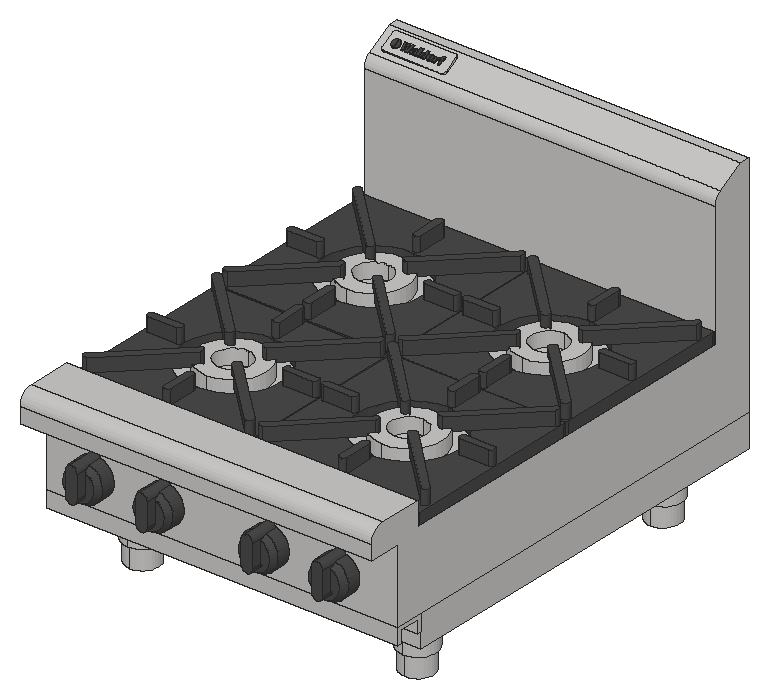
Revit family "QF_MOFFAT WALDORF_RN8400G-B", category Specialty Equipment, Revit 2012
Parameters
  Weight in Pounds = 176.3696
  URL Cutsheet = "www.moffat.com"
  URL = "www.moffat.com"
  Type Mark [instance] = ""
  Status [instance] = ""
  Specification by User [instance] = ""
  Specification by Manufacturer = ""
  Show Logo [instance] = yes
  Serial Number = ""
  Seismic Rating = ""
  SMACNA No = ""
  Revision Code [instance] = ""
  Omniclass Number and Title = ""
  NAFEM Spec ID Number = ""
  Model = "RN8400G-B"
  Mechanical Remarks [instance] = ""
  Mechanical Connection Type [instance] = ""
  Masterspec = ""
  Manufacturer = "MOFFAT WALDORF"
  Item Number [instance] = ""
  Installed By [instance] = ""
  Identify Quantity as Lot [instance] = yes
  Gas Size = 3/4"
  Gas RI Height [instance] = 0 mm
  Gas KW [instance] = 31
  Gas Input [instance] = 106156.0 Btu/h
  Gas Connection Height = 0 mm
  Furnished By [instance] = ""
  Foodservice Equipment Identifier [instance] = yes
  Description = "COOK TOP GAS BENCH MOUNT"
  CSI MasterFormat = ""
  CSI Master Format = ""
Reference planes
  plane 1 "BACK": y = 0
  plane 2: z = 0
  plane 3 "LEFT": x = 0
  plane 4 "RIGHT": x = 600
  plane 5 "FRONT": y = -805
  plane 6 "TOP": z = 530
  plane 7 "Center Y": x = 300
  plane 8 "Center X": y = -402.5
  plane 9: x = 65
  plane 10: x = 65.8
  plane 11: x = 535
Forms (mm)
  Extrusion 1, solid, material "QF_Finishes_Stainless Steel"
    sketch origin (0, 0, 0) x (0, 1, 0) y (0, 0, 1)
      loop
        line (-805, 291) -> (-805, 266) -> (-749, 266) -> (-749, 140) -> (0, 140) -> (0, 530) -> (-16.5, 530) -> (-58.709, 505.631)
        arc (-58.709, 505.631) -> (-66.975, 497.365) -> (-70, 486.074) r 22.582
        line (-70, 486.074) -> (-70, 275) -> (-705, 275) -> (-705, 315) -> (-781, 315)
        arc (-781, 315) -> (-797.971, 307.971) -> (-805, 291) r 24
      loop
        line (0, 85) -> (0, 139.206) -> (-699, 139.206) -> (-699, 85) -> (0, 85)
      loop
        line (-749, 139.206) -> (-749, 112.019) -> (-742.6, 112.019) -> (-742.6, 132.806) -> (-706.4, 132.806) -> (-706.4, 112.019) -> (-700, 112.019) -> (-700, 139.206) -> (-749, 139.206)
    from 0 to 600
  Revolve 2, solid, material "QF_Finishes_Stainless Steel"
    sketch origin (535, -210, 0) x (0, 1, 0) y (0, 0, -1)
      loop
        line (78.25, -85) -> (110, -85) -> (110, 0) -> (82.5, 0) -> (82.5, -35) -> (78.25, -35) -> (78.25, -85)
      axis (110, -85) -> (110, 0)
    angle from 0 to 360
  Revolve 3, solid, material "QF_Finishes_Stainless Steel"
    sketch origin (65, -210, 0) x (0, 1, 0) y (0, 0, 1)
      loop
        line (78.25, 85) -> (78.25, 35) -> (82.5, 35) -> (82.5, 0) -> (110, 0) -> (110, 85) -> (78.25, 85)
      axis (110, 85) -> (110, 0)
    angle from 0 to 360
  Revolve 4, solid, material "QF_Finishes_Black"
    sketch origin (210, 0, 0) x (0, -1, 0) y (0, 0, 1)
      loop
        line (782, 229.605) -> (759, 229.605) -> (759, 202.105) -> (749, 202.105) -> (749, 197.105) -> (793, 197.105) -> (793, 223.757) -> (782, 229.605)
      axis (793, 197.105) -> (749, 197.105)
    angle from 0 to 360
  Extrusion 5, solid, material "QF_Finishes_Black"
    sketch origin (71.569, 0, -103.997) x (1, 0, 0) y (0, 0, 1)
      loop
        line (148.431, 289) -> (148.431, 327.997)
        arc (148.431, 327.997) -> (138.431, 337.997) -> (128.431, 327.997) r 10
        line (128.431, 327.997) -> (128.431, 289)
        arc (128.431, 289) -> (138.431, 279) -> (148.431, 289) r 10
    from 759 to 808
  Extrusion 6, solid, material "QF_Finishes_Stainless Steel"
    sketch origin (405.687, 3, -500) x (1, 0, 0) y (0, 1, 0)
      loop
        circle (65, -35) r 13.5
    from 555 to 585
  Revolve 7, solid, material "QF_Finishes_Black"
    sketch origin (89.999, 0, -0.127) x (0, 1, 0) y (0, 0, -1)
      loop
        line (-782, -229.5) -> (-759, -229.5) -> (-759, -202) -> (-749, -202) -> (-749, -197) -> (-793, -197) -> (-793, -223.651) -> (-782, -229.5)
      axis (-793, -197) -> (-749, -197)
    angle from 0 to 360
  Extrusion 8, solid, material "QF_Finishes_Black"
    sketch origin (228.269, 0, 0.031) x (-1, 0, 0) y (0, 0, -1)
      loop
        arc (148.269, -184.969) -> (138.269, -174.969) -> (128.269, -184.969) r 10
        line (128.269, -184.969) -> (128.269, -223.969)
        arc (128.269, -223.969) -> (138.269, -233.969) -> (148.269, -223.969) r 10
        line (148.269, -223.969) -> (148.269, -184.969)
    from 759 to 808
  Extrusion 9, solid, material "QF_Finishes_Black"
    sketch origin (0, -70, 275) x (0, -1, 0) y (1, 0, 0)
      loop
        line (316, 4) -> (316, 296)
        arc (316, 296) -> (315.121, 298.121) -> (313, 299) r 3
        line (313, 299) -> (4, 299)
        arc (4, 299) -> (1.879, 298.121) -> (1, 296) r 3
        line (1, 296) -> (1, 4)
        arc (1, 4) -> (1.879, 1.879) -> (4, 1) r 3
        line (4, 1) -> (313, 1)
        arc (313, 1) -> (315.121, 1.879) -> (316, 4) r 3
      loop
        arc (316, 596) -> (315.121, 598.121) -> (313, 599) r 3
        line (313, 599) -> (4, 599)
        arc (4, 599) -> (1.879, 598.121) -> (1, 596) r 3
        line (1, 596) -> (1, 304)
        arc (1, 304) -> (1.879, 301.879) -> (4, 301) r 3
        line (4, 301) -> (313, 301)
        arc (313, 301) -> (315.121, 301.879) -> (316, 304) r 3
        line (316, 304) -> (316, 596)
      loop
        line (322, 1) -> (631, 1)
        arc (631, 1) -> (633.121, 1.879) -> (634, 4) r 3
        line (634, 4) -> (634, 296)
        arc (634, 296) -> (633.121, 298.121) -> (631, 299) r 3
        line (631, 299) -> (322, 299)
        arc (322, 299) -> (319.879, 298.121) -> (319, 296) r 3
        line (319, 296) -> (319, 4)
        arc (319, 4) -> (319.879, 1.879) -> (322, 1) r 3
      loop
        line (319, 596) -> (319, 304)
        arc (319, 304) -> (319.879, 301.879) -> (322, 301) r 3
        line (322, 301) -> (631, 301)
        arc (631, 301) -> (633.121, 301.879) -> (634, 304) r 3
        line (634, 304) -> (634, 596)
        arc (634, 596) -> (633.121, 598.121) -> (631, 599) r 3
        line (631, 599) -> (322, 599)
        arc (322, 599) -> (319.879, 598.121) -> (319, 596) r 3
      loop
        circle (167.5, 150) r 84.082
      loop
        circle (467.5, 150) r 84.082
      loop
        circle (467.5, 450) r 84.082
      loop
        circle (167.5, 450) r 84.082
    from 0 to 19.5
  Extrusion 10, solid, material "QF_Finishes_Black"
    sketch origin (0, -70, 294.5) x (0, -1, 0) y (1, 0, 0)
      loop
        spline (323.602, 15.153) -> (322.681, 13.924) -> (322.131, 12.47) -> (321.99, 10.89) -> (322.267, 9.292) -> (322.943, 7.786) -> (323.973, 6.473) -> (325.286, 5.443) -> (326.792, 4.767) -> (328.39, 4.49) -> (329.97, 4.631) -> (331.424, 5.181) -> (332.653, 6.102)
        line (332.653, 6.102) -> (440.576, 114.025)
        spline (440.576, 114.025) -> (441.337, 115.095) -> (441.738, 116.399) -> (441.751, 117.851) -> (441.375, 119.35) -> (440.637, 120.795) -> (439.586, 122.086) -> (438.295, 123.137) -> (436.85, 123.875) -> (435.351, 124.251) -> (433.899, 124.238) -> (432.595, 123.837) -> (431.525, 123.076)
        line (431.525, 123.076) -> (323.602, 15.153)
      loop
        spline (326.398, 156.4) -> (325.104, 156.182) -> (323.898, 155.543) -> (322.862, 154.525) -> (322.068, 153.2) -> (321.568, 151.656) -> (321.398, 150) -> (321.568, 148.344) -> (322.068, 146.8) -> (322.862, 145.475) -> (323.898, 144.457) -> (325.104, 143.818) -> (326.398, 143.6)
        line (326.398, 143.6) -> (375.602, 143.6)
        spline (375.602, 143.6) -> (376.896, 143.818) -> (378.102, 144.457) -> (379.138, 145.475) -> (379.932, 146.8) -> (380.432, 148.344) -> (380.602, 150) -> (380.432, 151.656) -> (379.932, 153.2) -> (379.138, 154.525) -> (378.102, 155.543) -> (376.896, 156.182) -> (375.602, 156.4)
        line (375.602, 156.4) -> (326.398, 156.4)
      loop
        spline (608.602, 143.6) -> (609.896, 143.818) -> (611.102, 144.457) -> (612.138, 145.475) -> (612.932, 146.8) -> (613.432, 148.344) -> (613.602, 150) -> (613.432, 151.656) -> (612.932, 153.2) -> (612.138, 154.525) -> (611.102, 155.543) -> (609.896, 156.182) -> (608.602, 156.4)
        line (608.602, 156.4) -> (559.398, 156.4)
        spline (559.398, 156.4) -> (558.104, 156.182) -> (556.898, 155.543) -> (555.862, 154.525) -> (555.068, 153.2) -> (554.568, 151.656) -> (554.398, 150) -> (554.568, 148.344) -> (555.068, 146.8) -> (555.862, 145.475) -> (556.898, 144.457) -> (558.104, 143.818) -> (559.398, 143.6)
        line (559.398, 143.6) -> (608.602, 143.6)
      loop
        line (611.398, 15.153) -> (503.475, 123.076)
        spline (503.475, 123.076) -> (502.405, 123.837) -> (501.101, 124.238) -> (499.649, 124.251) -> (498.15, 123.875) -> (496.705, 123.137) -> (495.414, 122.086) -> (494.363, 120.795) -> (493.625, 119.35) -> (493.249, 117.851) -> (493.262, 116.399) -> (493.663, 115.095) -> (494.424, 114.025)
        line (494.424, 114.025) -> (602.347, 6.102)
        spline (602.347, 6.102) -> (603.416, 5.341) -> (604.721, 4.941) -> (606.172, 4.928) -> (607.671, 5.303) -> (609.116, 6.041) -> (610.408, 7.092) -> (611.459, 8.384) -> (612.197, 9.829) -> (612.572, 11.328) -> (612.559, 12.779) -> (612.159, 14.084) -> (611.398, 15.153)
      loop
        line (473.9, 8.898) -> (473.9, 58.102)
        spline (473.9, 58.102) -> (473.682, 59.396) -> (473.043, 60.602) -> (472.025, 61.638) -> (470.7, 62.432) -> (469.156, 62.932) -> (467.5, 63.102) -> (465.844, 62.932) -> (464.3, 62.432) -> (462.975, 61.638) -> (461.957, 60.602) -> (461.318, 59.396) -> (461.1, 58.102)
        line (461.1, 58.102) -> (461.1, 8.898)
        spline (461.1, 8.898) -> (461.318, 7.604) -> (461.957, 6.398) -> (462.975, 5.362) -> (464.3, 4.568) -> (465.844, 4.068) -> (467.5, 3.898) -> (469.156, 4.068) -> (470.7, 4.568) -> (472.025, 5.362) -> (473.043, 6.398) -> (473.682, 7.604) -> (473.9, 8.898)
      loop
        spline (23.602, 15.153) -> (22.681, 13.924) -> (22.131, 12.47) -> (21.99, 10.89) -> (22.267, 9.292) -> (22.943, 7.786) -> (23.973, 6.473) -> (25.286, 5.443) -> (26.792, 4.767) -> (28.39, 4.49) -> (29.97, 4.631) -> (31.424, 5.181) -> (32.653, 6.102)
        line (32.653, 6.102) -> (140.576, 114.025)
        spline (140.576, 114.025) -> (141.337, 115.095) -> (141.738, 116.399) -> (141.751, 117.851) -> (141.375, 119.35) -> (140.637, 120.795) -> (139.586, 122.086) -> (138.295, 123.137) -> (136.85, 123.875) -> (135.351, 124.251) -> (133.899, 124.238) -> (132.595, 123.837) -> (131.525, 123.076)
        line (131.525, 123.076) -> (23.602, 15.153)
      loop
        spline (26.398, 156.4) -> (25.104, 156.182) -> (23.898, 155.543) -> (22.862, 154.525) -> (22.068, 153.2) -> (21.568, 151.656) -> (21.398, 150) -> (21.568, 148.344) -> (22.068, 146.8) -> (22.862, 145.475) -> (23.898, 144.457) -> (25.104, 143.818) -> (26.398, 143.6)
        line (26.398, 143.6) -> (75.602, 143.6)
        spline (75.602, 143.6) -> (76.896, 143.818) -> (78.102, 144.457) -> (79.138, 145.475) -> (79.932, 146.8) -> (80.432, 148.344) -> (80.602, 150) -> (80.432, 151.656) -> (79.932, 153.2) -> (79.138, 154.525) -> (78.102, 155.543) -> (76.896, 156.182) -> (75.602, 156.4)
        line (75.602, 156.4) -> (26.398, 156.4)
      loop
        spline (308.602, 143.6) -> (309.896, 143.818) -> (311.102, 144.457) -> (312.138, 145.475) -> (312.932, 146.8) -> (313.432, 148.344) -> (313.602, 150) -> (313.432, 151.656) -> (312.932, 153.2) -> (312.138, 154.525) -> (311.102, 155.543) -> (309.896, 156.182) -> (308.602, 156.4)
        line (308.602, 156.4) -> (259.398, 156.4)
        spline (259.398, 156.4) -> (258.104, 156.182) -> (256.898, 155.543) -> (255.862, 154.525) -> (255.068, 153.2) -> (254.568, 151.656) -> (254.398, 150) -> (254.568, 148.344) -> (255.068, 146.8) -> (255.862, 145.475) -> (256.898, 144.457) -> (258.104, 143.818) -> (259.398, 143.6)
        line (259.398, 143.6) -> (308.602, 143.6)
      loop
        line (311.398, 15.153) -> (203.475, 123.076)
        spline (203.475, 123.076) -> (202.405, 123.837) -> (201.101, 124.238) -> (199.649, 124.251) -> (198.15, 123.875) -> (196.705, 123.137) -> (195.414, 122.086) -> (194.363, 120.795) -> (193.625, 119.35) -> (193.249, 117.851) -> (193.262, 116.399) -> (193.663, 115.095) -> (194.424, 114.025)
        line (194.424, 114.025) -> (302.347, 6.102)
        spline (302.347, 6.102) -> (303.416, 5.341) -> (304.721, 4.941) -> (306.172, 4.928) -> (307.671, 5.303) -> (309.116, 6.041) -> (310.408, 7.092) -> (311.459, 8.384) -> (312.197, 9.829) -> (312.572, 11.328) -> (312.559, 12.779) -> (312.159, 14.084) -> (311.398, 15.153)
      loop
        line (173.9, 8.898) -> (173.9, 58.102)
        spline (173.9, 58.102) -> (173.682, 59.396) -> (173.043, 60.602) -> (172.025, 61.638) -> (170.7, 62.432) -> (169.156, 62.932) -> (167.5, 63.102) -> (165.844, 62.932) -> (164.3, 62.432) -> (162.975, 61.638) -> (161.957, 60.602) -> (161.318, 59.396) -> (161.1, 58.102)
        line (161.1, 58.102) -> (161.1, 8.898)
        spline (161.1, 8.898) -> (161.318, 7.604) -> (161.957, 6.398) -> (162.975, 5.362) -> (164.3, 4.568) -> (165.844, 4.068) -> (167.5, 3.898) -> (169.156, 4.068) -> (170.7, 4.568) -> (172.025, 5.362) -> (173.043, 6.398) -> (173.682, 7.604) -> (173.9, 8.898)
      loop
        line (323.602, 284.847) -> (431.525, 176.924)
        spline (431.525, 176.924) -> (432.595, 176.163) -> (433.899, 175.762) -> (435.351, 175.749) -> (436.85, 176.125) -> (438.295, 176.863) -> (439.586, 177.914) -> (440.637, 179.205) -> (441.375, 180.65) -> (441.751, 182.149) -> (441.738, 183.601) -> (441.337, 184.905) -> (440.576, 185.975)
        line (440.576, 185.975) -> (332.653, 293.898)
        spline (332.653, 293.898) -> (331.424, 294.819) -> (329.97, 295.369) -> (328.39, 295.51) -> (326.792, 295.233) -> (325.286, 294.557) -> (323.973, 293.527) -> (322.943, 292.214) -> (322.267, 290.708) -> (321.99, 289.11) -> (322.131, 287.53) -> (322.681, 286.076) -> (323.602, 284.847)
      loop
        spline (611.398, 284.847) -> (612.159, 285.916) -> (612.559, 287.221) -> (612.572, 288.672) -> (612.197, 290.171) -> (611.459, 291.616) -> (610.408, 292.908) -> (609.116, 293.959) -> (607.671, 294.697) -> (606.172, 295.072) -> (604.721, 295.059) -> (603.416, 294.659) -> (602.347, 293.898)
        line (602.347, 293.898) -> (494.424, 185.975)
        spline (494.424, 185.975) -> (493.663, 184.905) -> (493.262, 183.601) -> (493.249, 182.149) -> (493.625, 180.65) -> (494.363, 179.205) -> (495.414, 177.914) -> (496.705, 176.863) -> (498.15, 176.125) -> (499.649, 175.749) -> (501.101, 175.762) -> (502.405, 176.163) -> (503.475, 176.924)
        line (503.475, 176.924) -> (611.398, 284.847)
      loop
        spline (473.9, 291.102) -> (473.682, 292.396) -> (473.043, 293.602) -> (472.025, 294.638) -> (470.7, 295.432) -> (469.156, 295.932) -> (467.5, 296.102) -> (465.844, 295.932) -> (464.3, 295.432) -> (462.975, 294.638) -> (461.957, 293.602) -> (461.318, 292.396) -> (461.1, 291.102)
        line (461.1, 291.102) -> (461.1, 241.898)
        spline (461.1, 241.898) -> (461.318, 240.604) -> (461.957, 239.398) -> (462.975, 238.362) -> (464.3, 237.568) -> (465.844, 237.068) -> (467.5, 236.898) -> (469.156, 237.068) -> (470.7, 237.568) -> (472.025, 238.362) -> (473.043, 239.398) -> (473.682, 240.604) -> (473.9, 241.898)
        line (473.9, 241.898) -> (473.9, 291.102)
      loop
        line (23.602, 284.847) -> (131.525, 176.924)
        spline (131.525, 176.924) -> (132.595, 176.163) -> (133.899, 175.762) -> (135.351, 175.749) -> (136.85, 176.125) -> (138.295, 176.863) -> (139.586, 177.914) -> (140.637, 179.205) -> (141.375, 180.65) -> (141.751, 182.149) -> (141.738, 183.601) -> (141.337, 184.905) -> (140.576, 185.975)
        line (140.576, 185.975) -> (32.653, 293.898)
        spline (32.653, 293.898) -> (31.424, 294.819) -> (29.97, 295.369) -> (28.39, 295.51) -> (26.792, 295.233) -> (25.286, 294.557) -> (23.973, 293.527) -> (22.943, 292.214) -> (22.267, 290.708) -> (21.99, 289.11) -> (22.131, 287.53) -> (22.681, 286.076) -> (23.602, 284.847)
      loop
        spline (311.398, 284.847) -> (312.159, 285.916) -> (312.559, 287.221) -> (312.572, 288.672) -> (312.197, 290.171) -> (311.459, 291.616) -> (310.408, 292.908) -> (309.116, 293.959) -> (307.671, 294.697) -> (306.172, 295.072) -> (304.721, 295.059) -> (303.416, 294.659) -> (302.347, 293.898)
        line (302.347, 293.898) -> (194.424, 185.975)
        spline (194.424, 185.975) -> (193.663, 184.905) -> (193.262, 183.601) -> (193.249, 182.149) -> (193.625, 180.65) -> (194.363, 179.205) -> (195.414, 177.914) -> (196.705, 176.863) -> (198.15, 176.125) -> (199.649, 175.749) -> (201.101, 175.762) -> (202.405, 176.163) -> (203.475, 176.924)
        line (203.475, 176.924) -> (311.398, 284.847)
      loop
        spline (173.9, 291.102) -> (173.682, 292.396) -> (173.043, 293.602) -> (172.025, 294.638) -> (170.7, 295.432) -> (169.156, 295.932) -> (167.5, 296.102) -> (165.844, 295.932) -> (164.3, 295.432) -> (162.975, 294.638) -> (161.957, 293.602) -> (161.318, 292.396) -> (161.1, 291.102)
        line (161.1, 291.102) -> (161.1, 241.898)
        spline (161.1, 241.898) -> (161.318, 240.604) -> (161.957, 239.398) -> (162.975, 238.362) -> (164.3, 237.568) -> (165.844, 237.068) -> (167.5, 236.898) -> (169.156, 237.068) -> (170.7, 237.568) -> (172.025, 238.362) -> (173.043, 239.398) -> (173.682, 240.604) -> (173.9, 241.898)
        line (173.9, 241.898) -> (173.9, 291.102)
      loop
        line (323.602, 584.847) -> (431.525, 476.924)
        spline (431.525, 476.924) -> (432.595, 476.163) -> (433.899, 475.762) -> (435.351, 475.749) -> (436.85, 476.125) -> (438.295, 476.863) -> (439.586, 477.914) -> (440.637, 479.205) -> (441.375, 480.65) -> (441.751, 482.149) -> (441.738, 483.601) -> (441.337, 484.905) -> (440.576, 485.975)
        line (440.576, 485.975) -> (332.653, 593.898)
        spline (332.653, 593.898) -> (331.424, 594.819) -> (329.97, 595.369) -> (328.39, 595.51) -> (326.792, 595.233) -> (325.286, 594.557) -> (323.973, 593.527) -> (322.943, 592.214) -> (322.267, 590.708) -> (321.99, 589.11) -> (322.131, 587.53) -> (322.681, 586.076) -> (323.602, 584.847)
      loop
        line (326.398, 443.6) -> (375.602, 443.6)
        spline (375.602, 443.6) -> (376.896, 443.818) -> (378.102, 444.457) -> (379.138, 445.475) -> (379.932, 446.8) -> (380.432, 448.344) -> (380.602, 450) -> (380.432, 451.656) -> (379.932, 453.2) -> (379.138, 454.525) -> (378.102, 455.543) -> (376.896, 456.182) -> (375.602, 456.4)
        line (375.602, 456.4) -> (326.398, 456.4)
        spline (326.398, 456.4) -> (325.104, 456.182) -> (323.898, 455.543) -> (322.862, 454.525) -> (322.068, 453.2) -> (321.568, 451.656) -> (321.398, 450) -> (321.568, 448.344) -> (322.068, 446.8) -> (322.862, 445.475) -> (323.898, 444.457) -> (325.104, 443.818) -> (326.398, 443.6)
      loop
        line (608.602, 456.4) -> (559.398, 456.4)
        spline (559.398, 456.4) -> (558.104, 456.182) -> (556.898, 455.543) -> (555.862, 454.525) -> (555.068, 453.2) -> (554.568, 451.656) -> (554.398, 450) -> (554.568, 448.344) -> (555.068, 446.8) -> (555.862, 445.475) -> (556.898, 444.457) -> (558.104, 443.818) -> (559.398, 443.6)
        line (559.398, 443.6) -> (608.602, 443.6)
        spline (608.602, 443.6) -> (609.896, 443.818) -> (611.102, 444.457) -> (612.138, 445.475) -> (612.932, 446.8) -> (613.432, 448.344) -> (613.602, 450) -> (613.432, 451.656) -> (612.932, 453.2) -> (612.138, 454.525) -> (611.102, 455.543) -> (609.896, 456.182) -> (608.602, 456.4)
      loop
        spline (611.398, 584.847) -> (612.159, 585.916) -> (612.559, 587.221) -> (612.572, 588.672) -> (612.197, 590.171) -> (611.459, 591.616) -> (610.408, 592.908) -> (609.116, 593.959) -> (607.671, 594.697) -> (606.172, 595.072) -> (604.721, 595.059) -> (603.416, 594.659) -> (602.347, 593.898)
        line (602.347, 593.898) -> (494.424, 485.975)
        spline (494.424, 485.975) -> (493.663, 484.905) -> (493.262, 483.601) -> (493.249, 482.149) -> (493.625, 480.65) -> (494.363, 479.205) -> (495.414, 477.914) -> (496.705, 476.863) -> (498.15, 476.125) -> (499.649, 475.749) -> (501.101, 475.762) -> (502.405, 476.163) -> (503.475, 476.924)
        line (503.475, 476.924) -> (611.398, 584.847)
      loop
        spline (473.9, 591.102) -> (473.682, 592.396) -> (473.043, 593.602) -> (472.025, 594.638) -> (470.7, 595.432) -> (469.156, 595.932) -> (467.5, 596.102) -> (465.844, 595.932) -> (464.3, 595.432) -> (462.975, 594.638) -> (461.957, 593.602) -> (461.318, 592.396) -> (461.1, 591.102)
        line (461.1, 591.102) -> (461.1, 541.898)
        spline (461.1, 541.898) -> (461.318, 540.604) -> (461.957, 539.398) -> (462.975, 538.362) -> (464.3, 537.568) -> (465.844, 537.068) -> (467.5, 536.898) -> (469.156, 537.068) -> (470.7, 537.568) -> (472.025, 538.362) -> (473.043, 539.398) -> (473.682, 540.604) -> (473.9, 541.898)
        line (473.9, 541.898) -> (473.9, 591.102)
      loop
        line (23.602, 584.847) -> (131.525, 476.924)
        spline (131.525, 476.924) -> (132.595, 476.163) -> (133.899, 475.762) -> (135.351, 475.749) -> (136.85, 476.125) -> (138.295, 476.863) -> (139.586, 477.914) -> (140.637, 479.205) -> (141.375, 480.65) -> (141.751, 482.149) -> (141.738, 483.601) -> (141.337, 484.905) -> (140.576, 485.975)
        line (140.576, 485.975) -> (32.653, 593.898)
        spline (32.653, 593.898) -> (31.424, 594.819) -> (29.97, 595.369) -> (28.39, 595.51) -> (26.792, 595.233) -> (25.286, 594.557) -> (23.973, 593.527) -> (22.943, 592.214) -> (22.267, 590.708) -> (21.99, 589.11) -> (22.131, 587.53) -> (22.681, 586.076) -> (23.602, 584.847)
      loop
        line (26.398, 443.6) -> (75.602, 443.6)
        spline (75.602, 443.6) -> (76.896, 443.818) -> (78.102, 444.457) -> (79.138, 445.475) -> (79.932, 446.8) -> (80.432, 448.344) -> (80.602, 450) -> (80.432, 451.656) -> (79.932, 453.2) -> (79.138, 454.525) -> (78.102, 455.543) -> (76.896, 456.182) -> (75.602, 456.4)
        line (75.602, 456.4) -> (26.398, 456.4)
        spline (26.398, 456.4) -> (25.104, 456.182) -> (23.898, 455.543) -> (22.862, 454.525) -> (22.068, 453.2) -> (21.568, 451.656) -> (21.398, 450) -> (21.568, 448.344) -> (22.068, 446.8) -> (22.862, 445.475) -> (23.898, 444.457) -> (25.104, 443.818) -> (26.398, 443.6)
      loop
        line (308.602, 456.4) -> (259.398, 456.4)
        spline (259.398, 456.4) -> (258.104, 456.182) -> (256.898, 455.543) -> (255.862, 454.525) -> (255.068, 453.2) -> (254.568, 451.656) -> (254.398, 450) -> (254.568, 448.344) -> (255.068, 446.8) -> (255.862, 445.475) -> (256.898, 444.457) -> (258.104, 443.818) -> (259.398, 443.6)
        line (259.398, 443.6) -> (308.602, 443.6)
        spline (308.602, 443.6) -> (309.896, 443.818) -> (311.102, 444.457) -> (312.138, 445.475) -> (312.932, 446.8) -> (313.432, 448.344) -> (313.602, 450) -> (313.432, 451.656) -> (312.932, 453.2) -> (312.138, 454.525) -> (311.102, 455.543) -> (309.896, 456.182) -> (308.602, 456.4)
      loop
        spline (311.398, 584.847) -> (312.159, 585.916) -> (312.559, 587.221) -> (312.572, 588.672) -> (312.197, 590.171) -> (311.459, 591.616) -> (310.408, 592.908) -> (309.116, 593.959) -> (307.671, 594.697) -> (306.172, 595.072) -> (304.721, 595.059) -> (303.416, 594.659) -> (302.347, 593.898)
        line (302.347, 593.898) -> (194.424, 485.975)
        spline (194.424, 485.975) -> (193.663, 484.905) -> (193.262, 483.601) -> (193.249, 482.149) -> (193.625, 480.65) -> (194.363, 479.205) -> (195.414, 477.914) -> (196.705, 476.863) -> (198.15, 476.125) -> (199.649, 475.749) -> (201.101, 475.762) -> (202.405, 476.163) -> (203.475, 476.924)
        line (203.475, 476.924) -> (311.398, 584.847)
      loop
        spline (173.9, 591.102) -> (173.682, 592.396) -> (173.043, 593.602) -> (172.025, 594.638) -> (170.7, 595.432) -> (169.156, 595.932) -> (167.5, 596.102) -> (165.844, 595.932) -> (164.3, 595.432) -> (162.975, 594.638) -> (161.957, 593.602) -> (161.318, 592.396) -> (161.1, 591.102)
        line (161.1, 591.102) -> (161.1, 541.898)
        spline (161.1, 541.898) -> (161.318, 540.604) -> (161.957, 539.398) -> (162.975, 538.362) -> (164.3, 537.568) -> (165.844, 537.068) -> (167.5, 536.898) -> (169.156, 537.068) -> (170.7, 537.568) -> (172.025, 538.362) -> (173.043, 539.398) -> (173.682, 540.604) -> (173.9, 541.898)
        line (173.9, 541.898) -> (173.9, 591.102)
      loop
        spline (323.602, 315.153) -> (322.681, 313.924) -> (322.131, 312.47) -> (321.99, 310.89) -> (322.267, 309.292) -> (322.943, 307.786) -> (323.973, 306.473) -> (325.286, 305.443) -> (326.792, 304.767) -> (328.39, 304.49) -> (329.97, 304.631) -> (331.424, 305.181) -> (332.653, 306.102)
        line (332.653, 306.102) -> (440.576, 414.025)
        spline (440.576, 414.025) -> (441.337, 415.095) -> (441.738, 416.399) -> (441.751, 417.851) -> (441.375, 419.35) -> (440.637, 420.795) -> (439.586, 422.086) -> (438.295, 423.137) -> (436.85, 423.875) -> (435.351, 424.251) -> (433.899, 424.238) -> (432.595, 423.837) -> (431.525, 423.076)
        line (431.525, 423.076) -> (323.602, 315.153)
      loop
        line (611.398, 315.153) -> (503.475, 423.076)
        spline (503.475, 423.076) -> (502.405, 423.837) -> (501.101, 424.238) -> (499.649, 424.251) -> (498.15, 423.875) -> (496.705, 423.137) -> (495.414, 422.086) -> (494.363, 420.795) -> (493.625, 419.35) -> (493.249, 417.851) -> (493.262, 416.399) -> (493.663, 415.095) -> (494.424, 414.025)
        line (494.424, 414.025) -> (602.347, 306.102)
        spline (602.347, 306.102) -> (603.416, 305.341) -> (604.721, 304.941) -> (606.172, 304.928) -> (607.671, 305.303) -> (609.116, 306.041) -> (610.408, 307.092) -> (611.459, 308.384) -> (612.197, 309.829) -> (612.572, 311.328) -> (612.559, 312.779) -> (612.159, 314.084) -> (611.398, 315.153)
      loop
        line (473.9, 308.898) -> (473.9, 358.102)
        spline (473.9, 358.102) -> (473.682, 359.396) -> (473.043, 360.602) -> (472.025, 361.638) -> (470.7, 362.432) -> (469.156, 362.932) -> (467.5, 363.102) -> (465.844, 362.932) -> (464.3, 362.432) -> (462.975, 361.638) -> (461.957, 360.602) -> (461.318, 359.396) -> (461.1, 358.102)
        line (461.1, 358.102) -> (461.1, 308.898)
        spline (461.1, 308.898) -> (461.318, 307.604) -> (461.957, 306.398) -> (462.975, 305.362) -> (464.3, 304.568) -> (465.844, 304.068) -> (467.5, 303.898) -> (469.156, 304.068) -> (470.7, 304.568) -> (472.025, 305.362) -> (473.043, 306.398) -> (473.682, 307.604) -> (473.9, 308.898)
      loop
        spline (23.602, 315.153) -> (22.681, 313.924) -> (22.131, 312.47) -> (21.99, 310.89) -> (22.267, 309.292) -> (22.943, 307.786) -> (23.973, 306.473) -> (25.286, 305.443) -> (26.792, 304.767) -> (28.39, 304.49) -> (29.97, 304.631) -> (31.424, 305.181) -> (32.653, 306.102)
        line (32.653, 306.102) -> (140.576, 414.025)
        spline (140.576, 414.025) -> (141.337, 415.095) -> (141.738, 416.399) -> (141.751, 417.851) -> (141.375, 419.35) -> (140.637, 420.795) -> (139.586, 422.086) -> (138.295, 423.137) -> (136.85, 423.875) -> (135.351, 424.251) -> (133.899, 424.238) -> (132.595, 423.837) -> (131.525, 423.076)
        line (131.525, 423.076) -> (23.602, 315.153)
      loop
        line (311.398, 315.153) -> (203.475, 423.076)
        spline (203.475, 423.076) -> (202.405, 423.837) -> (201.101, 424.238) -> (199.649, 424.251) -> (198.15, 423.875) -> (196.705, 423.137) -> (195.414, 422.086) -> (194.363, 420.795) -> (193.625, 419.35) -> (193.249, 417.851) -> (193.262, 416.399) -> (193.663, 415.095) -> (194.424, 414.025)
        line (194.424, 414.025) -> (302.347, 306.102)
        spline (302.347, 306.102) -> (303.416, 305.341) -> (304.721, 304.941) -> (306.172, 304.928) -> (307.671, 305.303) -> (309.116, 306.041) -> (310.408, 307.092) -> (311.459, 308.384) -> (312.197, 309.829) -> (312.572, 311.328) -> (312.559, 312.779) -> (312.159, 314.084) -> (311.398, 315.153)
      loop
        line (173.9, 308.898) -> (173.9, 358.102)
        spline (173.9, 358.102) -> (173.682, 359.396) -> (173.043, 360.602) -> (172.025, 361.638) -> (170.7, 362.432) -> (169.156, 362.932) -> (167.5, 363.102) -> (165.844, 362.932) -> (164.3, 362.432) -> (162.975, 361.638) -> (161.957, 360.602) -> (161.318, 359.396) -> (161.1, 358.102)
        line (161.1, 358.102) -> (161.1, 308.898)
        spline (161.1, 308.898) -> (161.318, 307.604) -> (161.957, 306.398) -> (162.975, 305.362) -> (164.3, 304.568) -> (165.844, 304.068) -> (167.5, 303.898) -> (169.156, 304.068) -> (170.7, 304.568) -> (172.025, 305.362) -> (173.043, 306.398) -> (173.682, 307.604) -> (173.9, 308.898)
    from 0 to 23.5
  Revolve 11, solid, material "QF_Finishes_Stainless Steel"
    sketch origin (535, -735, 0) x (0, 1, 0) y (0, 0, -1)
      loop
        line (78.25, -85) -> (110, -85) -> (110, 0) -> (82.5, 0) -> (82.5, -35) -> (78.25, -35) -> (78.25, -85)
      axis (110, -85) -> (110, 0)
    angle from 0 to 360
  Revolve 12, solid, material "QF_Finishes_Stainless Steel"
    sketch origin (65, -735, 0) x (0, 1, 0) y (0, 0, 1)
      loop
        line (78.25, 85) -> (78.25, 35) -> (82.5, 35) -> (82.5, 0) -> (110, 0) -> (110, 85) -> (78.25, 85)
      axis (110, 85) -> (110, 0)
    angle from 0 to 360
  Revolve 13, solid, material "QF_Finishes_Black"
    sketch origin (510, 0, 0) x (0, -1, 0) y (0, 0, 1)
      loop
        line (782, 229.605) -> (759, 229.605) -> (759, 202.105) -> (749, 202.105) -> (749, 197.105) -> (793, 197.105) -> (793, 223.757) -> (782, 229.605)
      axis (793, 197.105) -> (749, 197.105)
    angle from 0 to 360
  Extrusion 14, solid, material "QF_Finishes_Black"
    sketch origin (371.569, 0, -103.997) x (1, 0, 0) y (0, 0, 1)
      loop
        line (148.431, 289) -> (148.431, 327.997)
        arc (148.431, 327.997) -> (138.431, 337.997) -> (128.431, 327.997) r 10
        line (128.431, 327.997) -> (128.431, 289)
        arc (128.431, 289) -> (138.431, 279) -> (148.431, 289) r 10
    from 759 to 808
  Revolve 15, solid, material "QF_Finishes_Black"
    sketch origin (389.999, 0, -0.127) x (0, 1, 0) y (0, 0, -1)
      loop
        line (-782, -229.5) -> (-759, -229.5) -> (-759, -202) -> (-749, -202) -> (-749, -197) -> (-793, -197) -> (-793, -223.651) -> (-782, -229.5)
      axis (-793, -197) -> (-749, -197)
    angle from 0 to 360
  Extrusion 16, solid, material "QF_Finishes_Black"
    sketch origin (528.269, 0, 0.031) x (-1, 0, 0) y (0, 0, -1)
      loop
        arc (148.269, -184.969) -> (138.269, -174.969) -> (128.269, -184.969) r 10
        line (128.269, -184.969) -> (128.269, -223.969)
        arc (128.269, -223.969) -> (138.269, -233.969) -> (148.269, -223.969) r 10
        line (148.269, -223.969) -> (148.269, -184.969)
    from 759 to 808
  Extrusion 17, solid, material "QF_Finishes_Stainless Steel"
    sketch origin (0, -70, 275) x (0, -1, 0) y (1, 0, 0)
      loop
        circle (167.5, 150) r 57
      loop
        circle (167.5, 450) r 57
      loop
        circle (467.5, 450) r 57
      loop
        circle (467.5, 150) r 57
      loop
        circle (167.5, 150) r 30
      loop
        circle (167.5, 450) r 30
      loop
        circle (467.5, 150) r 30
      loop
        circle (467.5, 450) r 30
    from 0 to 25
Cuts and joins
  joined: Revolve 4, Extrusion 5
  joined: Revolve 7, Extrusion 8
Lines and regions (mm)
  Split face 1
    outline origin (22.5, -19.748, 528.125) x (0, -0.866025, -0.5) y (1, 0, 0)
      loop
        line (1.427, 105.5) -> (35.836, 105.5) -> (35.836, 125.5) -> (1.427, 125.5) -> (1.427, 105.5)
  Split face 2
    outline origin (49.289, -19.748, 528.125) x (0, -0.866025, -0.5) y (1, 0, 0)
      loop
        line (1.427, 105.5) -> (35.836, 105.5) -> (35.836, 125.5) -> (1.427, 125.5) -> (1.427, 105.5)
  Split face 3
    outline origin (76.967, -19.748, 528.125) x (0, -0.866025, -0.5) y (1, 0, 0)
      loop
        line (1.427, 105.5) -> (35.836, 105.5) -> (35.836, 125.5) -> (1.427, 125.5) -> (1.427, 105.5)
  Split face 4
    outline origin (103.591, -19.748, 528.125) x (0, -0.866025, -0.5) y (1, 0, 0)
      loop
        line (1.427, 105.5) -> (35.836, 105.5) -> (35.836, 125.5) -> (1.427, 125.5) -> (1.427, 105.5)
  Split face 5
    outline origin (130.215, -19.748, 528.125) x (0, -0.866025, -0.5) y (1, 0, 0)
      loop
        line (1.427, 105.5) -> (35.836, 105.5) -> (35.836, 125.5) -> (1.427, 125.5) -> (1.427, 105.5)
  Split face 6
    outline origin (157.366, -19.748, 528.125) x (0, -0.866025, -0.5) y (1, 0, 0)
      loop
        line (1.427, 105.5) -> (35.836, 105.5) -> (35.836, 125.5) -> (1.427, 125.5) -> (1.427, 105.5)
  Split face 7
    outline origin (184.781, -19.748, 528.125) x (0, -0.866025, -0.5) y (1, 0, 0)
      loop
        line (1.427, 105.5) -> (35.836, 105.5) -> (35.836, 125.5) -> (1.427, 125.5) -> (1.427, 105.5)
  Split face 8
    outline origin (211.405, -19.748, 528.125) x (0, -0.866025, -0.5) y (1, 0, 0)
      loop
        line (1.427, 105.5) -> (35.836, 105.5) -> (35.836, 125.5) -> (1.427, 125.5) -> (1.427, 105.5)
  Split face 9
    outline origin (238.292, -19.748, 528.125) x (0, -0.866025, -0.5) y (1, 0, 0)
      loop
        line (1.427, 105.5) -> (35.836, 105.5) -> (35.836, 125.5) -> (1.427, 125.5) -> (1.427, 105.5)
  Split face 10
    outline origin (265.971, -19.748, 528.125) x (0, -0.866025, -0.5) y (1, 0, 0)
      loop
        line (1.427, 105.5) -> (35.836, 105.5) -> (35.836, 125.5) -> (1.427, 125.5) -> (1.427, 105.5)
  Split face 11
    outline origin (292.533, -19.748, 528.125) x (0, -0.866025, -0.5) y (1, 0, 0)
      loop
        line (1.427, 105.5) -> (35.836, 105.5) -> (35.836, 125.5) -> (1.427, 125.5) -> (1.427, 105.5)
  Split face 12
    outline origin (319.444, -19.748, 528.125) x (0, -0.866025, -0.5) y (1, 0, 0)
      loop
        line (1.427, 105.5) -> (35.836, 105.5) -> (35.836, 125.5) -> (1.427, 125.5) -> (1.427, 105.5)
  Split face 13
    outline origin (346.271, -19.748, 528.125) x (0, -0.866025, -0.5) y (1, 0, 0)
      loop
        line (1.427, 105.5) -> (35.836, 105.5) -> (35.836, 125.5) -> (1.427, 125.5) -> (1.427, 105.5)
  symbolic lines
    curve 1: line (0, 0, 0) -> (0, -805, 0)
    curve 2: line (600, 0, 0) -> (0, 0, 0)
    curve 3: line (600, -805, 0) -> (600, 0, 0)
    curve 4: line (0, -70, 0) -> (600, -70, 0)
    curve 5: line (0, -805, 0) -> (600, -805, 0)
    curve 10: line (600, -705, 0) -> (0, -705, 0)
    curve 11: line (8.898, -237.5, 0) -> (58.102, -237.5, 0)
    curve 12: line (10.628, -98.128, 0) -> (118.551, -206.051, 0)
    curve 13: line (289.372, -98.128, 0) -> (181.449, -206.051, 0)
    curve 14: line (291.102, -237.5, 0) -> (241.898, -237.5, 0)
    curve 15: line (289.372, -376.872, 0) -> (181.449, -268.949, 0)
    curve 16: line (150, -378.602, 0) -> (150, -329.398, 0)
    curve 17: line (10.628, -376.872, 0) -> (118.551, -268.949, 0)
    curve 18: circle (150, -237.5, 0) r 57 normal (0, 0, -1)
    curve 19: line (150, -396.398, 0) -> (150, -445.602, 0)
    curve 20: line (10.628, -398.128, 0) -> (118.551, -506.051, 0)
    curve 21: line (289.372, -398.128, 0) -> (181.449, -506.051, 0)
    curve 22: line (291.102, -537.5, 0) -> (241.898, -537.5, 0)
    curve 23: line (289.372, -676.872, 0) -> (181.449, -568.949, 0)
    curve 24: line (10.628, -676.872, 0) -> (118.551, -568.949, 0)
    curve 25: line (8.898, -537.5, 0) -> (58.102, -537.5, 0)
    curve 26: line (150, -678.602, 0) -> (150, -629.398, 0)
    curve 27: line (308.898, -537.5, 0) -> (358.102, -537.5, 0)
    curve 28: line (310.628, -398.128, 0) -> (418.551, -506.051, 0)
    curve 29: line (450, -396.398, 0) -> (450, -445.602, 0)
    curve 30: line (589.372, -398.128, 0) -> (481.449, -506.051, 0)
    curve 31: line (591.102, -537.5, 0) -> (541.898, -537.5, 0)
    curve 32: line (589.372, -676.872, 0) -> (481.449, -568.949, 0)
    curve 33: line (310.628, -676.872, 0) -> (418.551, -568.949, 0)
    curve 34: line (450, -678.602, 0) -> (450, -629.398, 0)
    curve 35: line (450, -378.602, 0) -> (450, -329.398, 0)
    curve 36: line (310.628, -376.872, 0) -> (418.551, -268.949, 0)
    curve 37: line (589.372, -376.872, 0) -> (481.449, -268.949, 0)
    curve 38: line (591.102, -237.5, 0) -> (541.898, -237.5, 0)
    curve 39: line (589.372, -98.128, 0) -> (481.449, -206.051, 0)
    curve 40: line (450, -96.398, 0) -> (450, -145.602, 0)
    curve 41: line (310.628, -98.128, 0) -> (418.551, -206.051, 0)
    curve 42: line (308.898, -237.5, 0) -> (358.102, -237.5, 0)
    curve 43: line (0, -387.5, 0) -> (600, -387.5, 0)
    curve 44: line (300, -70, 0) -> (300, -705, 0)
    curve 45: line (128, -50.782, 0) -> (128, -20.984, 0)
    curve 46: line (128, -20.984, 0) -> (148, -20.984, 0)
    curve 47: line (148, -20.984, 0) -> (148, -50.782, 0)
    curve 48: line (148, -50.782, 0) -> (128, -50.782, 0)
    curve 49: line (154.789, -50.782, 0) -> (154.789, -20.984, 0)
    curve 50: line (154.789, -20.984, 0) -> (174.789, -20.984, 0)
    curve 51: line (174.789, -20.984, 0) -> (174.789, -50.782, 0)
    curve 52: line (174.789, -50.782, 0) -> (154.789, -50.782, 0)
    curve 53: line (182.467, -20.984, 0) -> (202.467, -20.984, 0)
    curve 54: line (202.467, -20.984, 0) -> (202.467, -50.782, 0)
    curve 55: line (202.467, -50.782, 0) -> (182.467, -50.782, 0)
    curve 56: line (182.467, -50.782, 0) -> (182.467, -20.984, 0)
    curve 57: line (229.091, -20.984, 0) -> (209.091, -20.984, 0)
    curve 58: line (209.091, -20.984, 0) -> (209.091, -50.782, 0)
    curve 59: line (209.091, -50.782, 0) -> (229.091, -50.782, 0)
    curve 60: line (229.091, -50.782, 0) -> (229.091, -20.984, 0)
    curve 61: line (255.715, -20.984, 0) -> (235.715, -20.984, 0)
    curve 62: line (235.715, -20.984, 0) -> (235.715, -50.782, 0)
    curve 63: line (235.715, -50.782, 0) -> (255.715, -50.782, 0)
    curve 64: line (255.715, -50.782, 0) -> (255.715, -20.984, 0)
    curve 65: line (282.866, -20.984, 0) -> (262.866, -20.984, 0)
    curve 66: line (262.866, -20.984, 0) -> (262.866, -50.782, 0)
    curve 67: line (262.866, -50.782, 0) -> (282.866, -50.782, 0)
    curve 68: line (282.866, -50.782, 0) -> (282.866, -20.984, 0)
    curve 69: line (310.281, -20.984, 0) -> (290.281, -20.984, 0)
    curve 70: line (290.281, -20.984, 0) -> (290.281, -50.782, 0)
    curve 71: line (290.281, -50.782, 0) -> (310.281, -50.782, 0)
    curve 72: line (310.281, -50.782, 0) -> (310.281, -20.984, 0)
    curve 73: line (316.905, -20.984, 0) -> (336.905, -20.984, 0)
    curve 74: line (336.905, -20.984, 0) -> (336.905, -50.782, 0)
    curve 75: line (336.905, -50.782, 0) -> (316.905, -50.782, 0)
    curve 76: line (316.905, -50.782, 0) -> (316.905, -20.984, 0)
    curve 77: line (363.792, -20.984, 0) -> (343.792, -20.984, 0)
    curve 78: line (343.792, -20.984, 0) -> (343.792, -50.782, 0)
    curve 79: line (343.792, -50.782, 0) -> (363.792, -50.782, 0)
    curve 80: line (363.792, -50.782, 0) -> (363.792, -20.984, 0)
    curve 81: line (371.471, -50.782, 0) -> (391.471, -50.782, 0)
    curve 82: line (391.471, -50.782, 0) -> (391.471, -20.984, 0)
    curve 83: line (391.471, -20.984, 0) -> (371.471, -20.984, 0)
    curve 84: line (371.471, -20.984, 0) -> (371.471, -50.782, 0)
    curve 85: line (398.033, -50.782, 0) -> (418.033, -50.782, 0)
    curve 86: line (418.033, -50.782, 0) -> (418.033, -20.984, 0)
    curve 87: line (418.033, -20.984, 0) -> (398.033, -20.984, 0)
    curve 88: line (398.033, -20.984, 0) -> (398.033, -50.782, 0)
    curve 89: line (444.944, -50.782, 0) -> (424.944, -50.782, 0)
    curve 90: line (424.944, -50.782, 0) -> (424.944, -20.984, 0)
    curve 91: line (424.944, -20.984, 0) -> (444.944, -20.984, 0)
    curve 92: line (444.944, -20.984, 0) -> (444.944, -50.782, 0)
    curve 93: line (451.771, -50.782, 0) -> (471.771, -50.782, 0)
    curve 94: line (471.771, -50.782, 0) -> (471.771, -20.984, 0)
    curve 95: line (471.771, -20.984, 0) -> (451.771, -20.984, 0)
    curve 96: line (451.771, -20.984, 0) -> (451.771, -50.782, 0)
    curve 97: line (150, -96.398, 0) -> (150, -145.602, 0)
    curve 98: arc (150, -480.5, 0) -> (93, -537.5, 0) -> (150, -594.5, 0) r 57
    curve 99: arc (150, -594.5, 0) -> (207, -537.5, 0) -> (150, -480.5, 0) r 57
    curve 100: arc (450, -180.5, 0) -> (393, -237.5, 0) -> (450, -294.5, 0) r 57
    curve 101: arc (450, -294.5, 0) -> (507, -237.5, 0) -> (450, -180.5, 0) r 57
    curve 102: arc (450, -480.5, 0) -> (393, -537.5, 0) -> (450, -594.5, 0) r 57
    curve 103: arc (450, -594.5, 0) -> (507, -537.5, 0) -> (450, -480.5, 0) r 57
    curve 104: arc (150, -153.418, 0) -> (234.082, -237.5, 0) -> (150, -321.582, 0) r 84.082
    curve 105: arc (150, -321.582, 0) -> (65.918, -237.5, 0) -> (150, -153.418, 0) r 84.082
    curve 106: arc (450, -321.582, 0) -> (365.918, -237.5, 0) -> (450, -153.418, 0) r 84.082
    curve 107: arc (450, -153.418, 0) -> (534.082, -237.5, 0) -> (450, -321.582, 0) r 84.082
    curve 108: arc (450, -453.418, 0) -> (534.082, -537.5, 0) -> (450, -621.582, 0) r 84.082
    curve 109: arc (450, -621.582, 0) -> (365.918, -537.5, 0) -> (450, -453.418, 0) r 84.082
    curve 110: arc (150, -453.418, 0) -> (234.082, -537.5, 0) -> (150, -621.582, 0) r 84.082
    curve 111: arc (150, -621.582, 0) -> (65.918, -537.5, 0) -> (150, -453.418, 0) r 84.082
    curve 112: arc (150, -267.5, 0) -> (120, -237.5, 0) -> (150, -207.5, 0) r 30
    curve 113: arc (150, -207.5, 0) -> (180, -237.5, 0) -> (150, -267.5, 0) r 30
    curve 114: arc (450, -267.5, 0) -> (420, -237.5, 0) -> (450, -207.5, 0) r 30
    curve 115: arc (450, -207.5, 0) -> (480, -237.5, 0) -> (450, -267.5, 0) r 30
    curve 116: arc (150, -507.5, 0) -> (180, -537.5, 0) -> (150, -567.5, 0) r 30
    curve 117: arc (150, -567.5, 0) -> (120, -537.5, 0) -> (150, -507.5, 0) r 30
    curve 118: arc (450, -567.5, 0) -> (420, -537.5, 0) -> (450, -507.5, 0) r 30
    curve 119: arc (450, -507.5, 0) -> (480, -537.5, 0) -> (450, -567.5, 0) r 30
  symbolic lines, visible <- "Show Logo"
    curve 6: line (12.5, -51.234, 0) -> (12.5, -20.958, 0)
    curve 7: line (12.5, -20.958, 0) -> (121.5, -20.958, 0)
    curve 8: line (12.5, -51.234, 0) -> (121.5, -51.234, 0)
    curve 9: line (121.5, -20.958, 0) -> (121.5, -51.234, 0)
Dimensions and locks
  equal spacing: plane 3 "LEFT", plane 7 "Center Y", plane 4 "RIGHT"
  plane 3 "LEFT" to plane 4 "RIGHT" = 600 mm
  equal spacing: plane 5 "FRONT", plane 8 "Center X", plane 1 "BACK"
  plane 5 "FRONT" to plane 1 "BACK" = 805 mm  (x2)
  equal spacing: plane 4 "RIGHT", plane 7 "Center Y", plane 3 "LEFT"
  plane 4 "RIGHT" to plane 3 "LEFT" = 600 mm
  plane 6 "TOP" to level = 530 mm  (x2)
  Extrusion 6 to level = 55 mm
  Extrusion 6 to plane 1 "BACK" = 32 mm
  Extrusion 9 sketch curve to plane 10 = 64.8 mm
  aligned and locked: level to plane 2
  aligned and locked: curve 3 to plane 4 "RIGHT"
Automatic sketch dimensions
  plane 1 "BACK" to curve 1 = 0 mm
  curve 1 to plane 3 "LEFT" = 0 mm
  curve 44 to plane 7 "Center Y" = 0 mm
  plane 5 "FRONT" to curve 3 = 0 mm
  plane 3 "LEFT" to curve 25 = 8.898 mm
  plane 3 "LEFT" to curve 11 = 8.898 mm
  plane 3 "LEFT" to curve 12 = 10.628 mm
  plane 3 "LEFT" to curve 24 = 10.628 mm
  plane 3 "LEFT" to curve 17 = 10.628 mm
  plane 8 "Center X" to curve 20 = 4.372 mm
  plane 3 "LEFT" to curve 20 = 10.628 mm
  plane 3 "LEFT" to curve 8 = 12.5 mm
  curve 11 to plane 9 = 6.898 mm
  curve 25 to plane 9 = 6.898 mm
  plane 9 to curve 24 = 53.551 mm
  plane 9 to curve 17 = 53.551 mm
  plane 9 to curve 20 = 53.551 mm
  plane 9 to curve 12 = 53.551 mm
  plane 1 "BACK" to curve 9 = 20.958 mm
  plane 9 to curve 9 = 56.5 mm
  curve 8 to curve 45 = 6.5 mm
  curve 45 to curve 48 = 20 mm
  plane 8 "Center X" to curve 19 = 6.102 mm
  plane 9 to curve 19 = 85 mm
  curve 12 to curve 18 = 31.449 mm
  curve 47 to curve 97 = 2 mm
  curve 46 to curve 50 = 6.789 mm
  curve 49 to curve 51 = 20 mm
  curve 18 to curve 15 = 31.449 mm
  curve 18 to curve 13 = 31.449 mm  (x2)
  curve 50 to curve 56 = 7.678 mm
  curve 55 to curve 54 = 20 mm
  curve 54 to curve 58 = 6.624 mm
  curve 58 to curve 60 = 20 mm
  curve 57 to curve 62 = 6.624 mm
  curve 14 to plane 7 "Center Y" = 58.102 mm
  curve 22 to plane 7 "Center Y" = 58.102 mm
  curve 62 to curve 63 = 20 mm
  curve 63 to curve 66 = 7.151 mm
  curve 65 to plane 7 "Center Y" = 17.134 mm
  plane 8 "Center X" to curve 21 = 4.372 mm
  curve 21 to plane 7 "Center Y" = 10.628 mm
  curve 23 to plane 7 "Center Y" = 10.628 mm
  curve 15 to plane 7 "Center Y" = 10.628 mm
  curve 13 to plane 7 "Center Y" = 10.628 mm
  curve 67 to curve 71 = 7.415 mm
  curve 14 to plane 7 "Center Y" = 8.898 mm
  curve 22 to plane 7 "Center Y" = 8.898 mm
  plane 7 "Center Y" to curve 27 = 8.898 mm
  plane 7 "Center Y" to curve 42 = 8.898 mm
  plane 7 "Center Y" to curve 71 = 10.281 mm
  plane 8 "Center X" to curve 28 = 4.372 mm
  plane 7 "Center Y" to curve 28 = 10.628 mm
  plane 7 "Center Y" to curve 33 = 10.628 mm
  plane 7 "Center Y" to curve 41 = 10.628 mm
  plane 7 "Center Y" to curve 36 = 10.628 mm
  curve 69 to curve 73 = 6.624 mm
  curve 73 to curve 74 = 20 mm
  curve 73 to curve 78 = 6.888 mm
  curve 27 to curve 27 = 49.204 mm
  curve 42 to curve 42 = 49.204 mm
  curve 78 to curve 80 = 20 mm
  curve 79 to curve 81 = 7.678 mm
  curve 81 to curve 81 = 20 mm
  curve 82 to curve 88 = 6.562 mm
  curve 87 to curve 86 = 20 mm
  curve 42 to curve 41 = 60.449 mm
  curve 27 to curve 33 = 60.449 mm
  curve 28 to curve 33 = 0 mm
  curve 36 to curve 41 = 0 mm
  curve 85 to curve 89 = 6.911 mm
  curve 90 to curve 91 = 20 mm
  plane 8 "Center X" to curve 35 = 23.898 mm
  plane 11 to curve 35 = 85 mm
  plane 11 to curve 34 = 85 mm
  curve 29 to curve 35 = 0 mm
  curve 89 to curve 40 = 5.056 mm
  curve 89 to curve 96 = 6.827 mm
  curve 93 to curve 94 = 20 mm
  curve 38 to plane 11 = 6.898 mm
  curve 31 to plane 11 = 6.898 mm
  plane 4 "RIGHT" to curve 39 = 10.628 mm
  plane 4 "RIGHT" to curve 37 = 10.628 mm
  plane 8 "Center X" to curve 30 = 4.372 mm
  plane 4 "RIGHT" to curve 30 = 10.628 mm
  plane 4 "RIGHT" to curve 32 = 10.628 mm
  plane 4 "RIGHT" to curve 38 = 8.898 mm
  plane 4 "RIGHT" to curve 31 = 8.898 mm
  curve 10 to plane 5 "FRONT" = 100 mm
  curve 34 to plane 5 "FRONT" = 126.398 mm
  curve 26 to plane 5 "FRONT" = 126.398 mm
  curve 10 to curve 24 = 28.128 mm
  curve 10 to curve 32 = 28.128 mm
  curve 44 to curve 23 = 28.128 mm
  curve 23 to curve 33 = 0 mm
  curve 34 to curve 34 = 49.204 mm
  curve 26 to curve 26 = 49.204 mm
  curve 33 to curve 27 = 31.449 mm
  curve 32 to curve 31 = 31.449 mm
  curve 24 to curve 25 = 31.449 mm
  curve 22 to curve 27 = 0 mm
  plane 8 "Center X" to curve 29 = 6.102 mm
  plane 8 "Center X" to curve 43 = 15 mm
  curve 19 to curve 16 = 17.796 mm
  curve 21 to curve 15 = 21.256 mm
  curve 43 to curve 17 = 10.628 mm
  curve 43 to curve 37 = 10.628 mm
  curve 15 to curve 36 = 0 mm
  curve 16 to curve 16 = 49.204 mm
  curve 35 to curve 35 = 49.204 mm
  curve 15 to curve 14 = 31.449 mm
  curve 15 to curve 18 = 31.449 mm
  curve 37 to curve 38 = 31.449 mm
  curve 17 to curve 11 = 31.449 mm
  curve 14 to curve 42 = 0 mm
  plane 1 "BACK" to curve 41 = 98.128 mm
  curve 13 to curve 41 = 0 mm
  plane 1 "BACK" to curve 39 = 98.128 mm
  curve 12 to curve 6 = 77.17 mm
  curve 40 to curve 40 = 49.204 mm
  curve 97 to curve 97 = 49.204 mm
  curve 39 to curve 4 = 28.128 mm
  curve 8 to curve 7 = 30.277 mm
  curve 40 to curve 93 = 45.615 mm
  curve 92 to curve 93 = 0 mm
  curve 8 to curve 45 = 0.452 mm
  curve 88 to curve 89 = 0 mm
  curve 47 to curve 49 = 0 mm  (x2)
  curve 84 to curve 85 = 0 mm
  curve 80 to curve 81 = 0 mm
  curve 51 to curve 54 = 0 mm
  curve 44 to curve 76 = 19.218 mm
  curve 54 to curve 58 = 0 mm
  curve 72 to curve 75 = 0 mm
  curve 59 to curve 62 = 0 mm
  curve 68 to curve 70 = 0 mm
  plane 1 "BACK" to curve 66 = 20.984 mm
  plane 1 "BACK" to curve 69 = 20.984 mm
  curve 64 to curve 65 = 0 mm
  curve 69 to curve 73 = 0 mm
  curve 60 to curve 61 = 0 mm
  plane 1 "BACK" to curve 77 = 20.984 mm
  plane 1 "BACK" to curve 56 = 20.984 mm
  curve 51 to curve 53 = 0 mm
  plane 1 "BACK" to curve 82 = 20.984 mm
  plane 1 "BACK" to curve 86 = 20.984 mm
  plane 1 "BACK" to curve 96 = 20.984 mm
  curve 86 to curve 90 = 0 mm
  Extrusion 1 sketch curve to plane 5 "FRONT" = 0 mm
  Extrusion 1 sketch curve to plane 6 "TOP" = 0 mm
  Extrusion 1 sketch curve to plane 1 "BACK" = 0 mm  (x2)
  Extrusion 1 sketch curve to plane 5 "FRONT" = 24 mm
  Extrusion 1 sketch curve to plane 5 "FRONT" = 56 mm
  Extrusion 1 sketch curve to Extrusion 1 sketch curve = 0 mm
  Extrusion 1 sketch curve to Extrusion 1 sketch curve = 6.4 mm  (x3)
  Extrusion 1 sketch curve to Extrusion 1 sketch curve = 36.2 mm
  Extrusion 1 sketch curve to Extrusion 1 sketch curve = 44 mm
  Extrusion 1 sketch curve to Extrusion 1 sketch curve = 1 mm
  plane 1 "BACK" to Extrusion 1 sketch curve = 70 mm
  Extrusion 1 sketch curve to plane 6 "TOP" = 24.369 mm
  Extrusion 1 sketch curve to Extrusion 1 sketch curve = 11.291 mm  (x2)
  Extrusion 1 sketch curve to Extrusion 1 sketch curve = 16.5 mm
  Extrusion 1 sketch curve to plane 6 "TOP" = 215 mm
  Extrusion 1 sketch curve to Extrusion 1 sketch curve = 40 mm
  Extrusion 1 sketch curve to Extrusion 1 sketch curve = 25 mm
  Extrusion 1 sketch curve to Extrusion 1 sketch curve = 126 mm
  Extrusion 1 sketch curve to Extrusion 1 sketch curve = 0.794 mm  (x2)
  Extrusion 1 sketch curve to Extrusion 1 sketch curve = 20.787 mm  (x2)
  Extrusion 1 sketch curve to Extrusion 1 sketch curve = 54.206 mm
  Revolve 2 sketch curve to level = 0 mm
  level to Revolve 2 sketch curve = 35 mm
  plane 1 "BACK" to Revolve 2 sketch curve = 131.75 mm
  Revolve 2 sketch curve to Revolve 2 sketch curve = 4.25 mm
  Revolve 2 sketch curve to Revolve 2 sketch curve = 27.5 mm  (x2)
  Revolve 2 sketch curve to Revolve 2 sketch curve = 15 mm
  Revolve 2 sketch curve to Revolve 2 sketch curve = 35 mm
  Revolve 2 sketch curve to Revolve 2 sketch curve = 55 mm
  Revolve 3 sketch curve to level = 0 mm
  level to Revolve 3 sketch curve = 35 mm
  plane 1 "BACK" to Revolve 3 sketch curve = 131.75 mm
  Revolve 3 sketch curve to Revolve 3 sketch curve = 4.25 mm
  Revolve 3 sketch curve to Revolve 3 sketch curve = 27.5 mm  (x2)
  Revolve 3 sketch curve to Revolve 3 sketch curve = 55 mm
  Revolve 3 sketch curve to Revolve 3 sketch curve = 15 mm
  Revolve 3 sketch curve to Revolve 3 sketch curve = 35 mm
  Revolve 4 sketch curve to plane 5 "FRONT" = 56 mm
  Revolve 4 sketch curve to Revolve 4 sketch curve = 10 mm
  Revolve 4 sketch curve to Revolve 4 sketch curve = 21.3 mm
  Revolve 4 sketch curve to plane 5 "FRONT" = 23 mm
  Revolve 4 sketch curve to plane 5 "FRONT" = 12 mm
  Revolve 4 sketch curve to Revolve 4 sketch curve = 0 mm  (x2)
  level to Revolve 4 sketch curve = 197.105 mm
  Revolve 4 sketch curve to Revolve 4 sketch curve = 5 mm
  Revolve 4 sketch curve to Revolve 4 sketch curve = 26.651 mm
  Revolve 4 sketch curve to Revolve 4 sketch curve = 5.849 mm
  Extrusion 5 sketch curve to plane 7 "Center Y" = 100 mm
  Extrusion 5 sketch curve to Extrusion 5 sketch curve = 10 mm
  level to Extrusion 5 sketch curve = 185.003 mm
  Extrusion 5 sketch curve to Extrusion 5 sketch curve = 38.997 mm
  plane 1 "BACK" to Extrusion 6 sketch curve = 32 mm
  plane 11 to Extrusion 6 sketch curve = 64.313 mm
  Revolve 7 sketch curve to plane 5 "FRONT" = 12 mm
  Revolve 7 sketch curve to Revolve 7 sketch curve = 0 mm  (x2)
  Revolve 7 sketch curve to Revolve 7 sketch curve = 11 mm
  Revolve 7 sketch curve to Revolve 7 sketch curve = 12.7 mm
  Revolve 7 sketch curve to Revolve 7 sketch curve = 23 mm
  Revolve 7 sketch curve to Revolve 7 sketch curve = 10 mm
  level to Revolve 7 sketch curve = 229.373 mm
  Revolve 7 sketch curve to Revolve 7 sketch curve = 5.849 mm
  Revolve 7 sketch curve to Revolve 7 sketch curve = 27.5 mm
  Revolve 7 sketch curve to Revolve 7 sketch curve = 5 mm
  plane 9 to Extrusion 8 sketch curve = 35 mm
  Extrusion 8 sketch curve to Extrusion 8 sketch curve = 10 mm
  level to Extrusion 8 sketch curve = 224 mm
  Extrusion 8 sketch curve to Extrusion 8 sketch curve = 39 mm
  Extrusion 1 to Extrusion 9 sketch curve = 1 mm  (x5)
  Extrusion 1 to Extrusion 9 sketch curve = 4 mm  (x3)
  Extrusion 9 sketch curve to Extrusion 9 sketch curve = 0 mm  (x5)
  Extrusion 1 to Extrusion 9 sketch curve = 167.5 mm  (x2)
  Extrusion 9 sketch curve to Extrusion 9 sketch curve = 145.5 mm  (x2)
  Extrusion 9 sketch curve to Extrusion 9 sketch curve = 3 mm  (x8)
  Extrusion 9 sketch curve to Extrusion 1 = 167.5 mm  (x2)
  Extrusion 9 sketch curve to Extrusion 1 = 4 mm  (x3)
  Extrusion 9 sketch curve to Extrusion 1 = 1 mm  (x2)
  Extrusion 1 to Extrusion 9 sketch curve = 150 mm  (x4)
  Extrusion 9 sketch curve to Extrusion 9 sketch curve = 146 mm
  Extrusion 9 sketch curve to Extrusion 9 sketch curve = 2 mm  (x2)
  Extrusion 10 sketch curve to Extrusion 9 = 22.602 mm  (x4)
  Extrusion 10 sketch curve to Extrusion 9 = 25.398 mm  (x4)
  Extrusion 10 sketch curve to Extrusion 10 sketch curve = 4.525 mm  (x32)
  Extrusion 10 sketch curve to Extrusion 10 sketch curve = 49.204 mm  (x11)
  Extrusion 10 sketch curve to Extrusion 10 sketch curve = 55.923 mm  (x10)
  Extrusion 10 sketch curve to Extrusion 10 sketch curve = 0 mm  (x13)
  Extrusion 10 sketch curve to Extrusion 9 = 7.898 mm  (x8)
  Extrusion 10 sketch curve to Extrusion 10 sketch curve = 20.524 mm  (x15)
  Extrusion 10 sketch curve to Extrusion 10 sketch curve = 6.4 mm  (x16)
  Extrusion 10 sketch curve to Extrusion 10 sketch curve = 53.847 mm  (x16)
  Extrusion 10 sketch curve to Extrusion 9 = 56.602 mm  (x2)
  Extrusion 10 sketch curve to Extrusion 9 = 5.102 mm  (x12)
  Extrusion 10 sketch curve to Extrusion 9 = 13.653 mm  (x3)
  Extrusion 10 sketch curve to Extrusion 9 = 7.398 mm  (x4)
  Extrusion 10 sketch curve to Extrusion 9 = 4.602 mm  (x4)
  Extrusion 10 sketch curve to Extrusion 9 = 31.653 mm  (x3)
  Extrusion 10 sketch curve to Extrusion 9 = 57.102 mm
  Extrusion 10 sketch curve to Extrusion 9 = 14.153 mm  (x2)
  Extrusion 1 to Split face 1 sketch curve = 5.177 mm
  Split face 1 sketch curve to Extrusion 1 = 9.153 mm
  Split face 1 sketch curve to Extrusion 1 = 128 mm
  Split face 1 sketch curve to Split face 1 sketch curve = 20 mm
  Extrusion 1 to Split face 2 sketch curve = 5.177 mm
  Split face 2 sketch curve to Extrusion 1 = 9.153 mm
  Split face 2 sketch curve to Extrusion 1 = 154.789 mm
  Split face 2 sketch curve to Split face 2 sketch curve = 20 mm
  Extrusion 1 to Split face 3 sketch curve = 5.177 mm
  Split face 3 sketch curve to Extrusion 1 = 9.153 mm
  Split face 3 sketch curve to Extrusion 1 = 182.467 mm
  Split face 3 sketch curve to Split face 3 sketch curve = 20 mm
  Extrusion 1 to Split face 4 sketch curve = 5.177 mm
  Split face 4 sketch curve to Extrusion 1 = 9.153 mm
  Split face 4 sketch curve to Extrusion 1 = 209.091 mm
  Split face 4 sketch curve to Split face 4 sketch curve = 20 mm
  Extrusion 1 to Split face 5 sketch curve = 5.177 mm
  Split face 5 sketch curve to Extrusion 1 = 9.153 mm
  Split face 5 sketch curve to Extrusion 1 = 235.715 mm
  Split face 5 sketch curve to Split face 5 sketch curve = 20 mm
  Extrusion 1 to Split face 6 sketch curve = 5.177 mm
  Split face 6 sketch curve to Extrusion 1 = 9.153 mm
